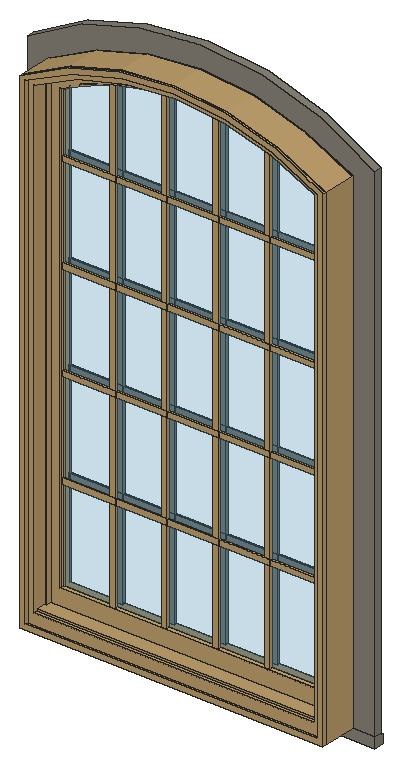
Revit family
Parameters (values of type "CUDHRTP-NG4066")
  Window Type = "Clad Ultimate DH Round Top Picture RT6 - NG"
  URL = "www.marvin.com"
  Subsill Height_2 = if(Subsill A217, 0' 1 11/32", 0' 0 9/16")  # 0' - 1 11/32"
  Subsill Height = if(Subsill A217 Visibility, 0' 1 11/32", if(Subsill A246 Visibility, 0' 0 9/16", 0' 0"))  # 0' - 1 11/32"
  Subsill A246 Visibility = and(Subsill Visibility, Subsill A246)  # no
  Subsill A217 Visibility = and(Subsill Visibility, Subsill A217)  # yes
  RO Radius Constraint = if(RO Radius > (Rough Width / 2) + 0' 1", RO Radius, (Rough Width / 2) + 0' 1")  # 3' - 4"
  RO Radius = 3' - 4"
  Muntins Interior Visibility = yes
  Muntins Interior Material = Wood-Marvin-Pine
  Muntins Exterior Visibility = yes
  Muntins Exterior Material = Aluminum-Marvin-Bronze
  Mask Offset [instance] = if(Inset to Installation Flange = 0' 1 3/32", 0' 0 1/32", 0' 0")  # 0' - 0"
  Lites Wide = 5
  Lites High = 5
  Interior Material = Wood-Marvin-Pine
  Frame = "Aluminum Clad"
  Flat Casing Visibility = and(Casing Visibility, Flat Casing)  # yes
  Design Pressure = "DP50"
  Daylight Area = (DLO Height - DLO Arc Height) * DLO Width + DLO Segment Area  # 15.3626 SF
  DLO Arc Height = DLO Radius - sqrt((DLO Radius ^ 2) - ((DLO Width / 2) ^ 2))  # 0' - 4.429"
  Cladding Material = Aluminum-Marvin-Bronze
  Casing Width_2 = if(BMC, 0' 1 5/16", 0' 3")  # 0' - 3"
  Casing Visibility = yes
  Subsill Visibility = yes
  BMC Visibility = and(Casing Visibility, BMC)  # no
  BMC = no
  Flat Casing = not(BMC)  # yes
  Subsill A246 = no
  Subsill A217 = not(Subsill A246)  # yes
  Glazing Material = Glass-Marvin-IG Low E II with Argon
  Radius = RO Radius Constraint - 0' 0 1/2"  # 3' - 3 1/2"
  Nominal Width = 3' - 4"
  Nominal Height = 6' - 2"
  Model = "CUDHRTP-NG4066"
  Mask [instance] = Inset to Installation Flange > 0' 1 3/32"  # no
  Manufacturer = "Marvin Windows and Doors"
  Label Visibility = no
  Glass Type = "IG Low E II with Argon"
  Family created by = "www.rbuiltcomponents.com"
  Rough Width = Width + 0' 1"  # 3' - 6 1/4"
  Rough Height = Height + 0' 0 1/2"  # 6' - 1 47/64"
  Jamb Extension Visibility = yes
  Inset to Installation Flange [instance] = 0' - 1"
  Height = if(Nominal Width = 5' 8", Nominal Height + 0' 2 3/8", if(Nominal Width = 5' 0", Nominal Height + 0' 0 11/32", if(Nominal Width = 4' 4", Nominal Height + 0' 0 33/64", if(Nominal Width = 4' 0", Nominal Height + 0' 1 63/64", Nominal Height - 0' 0 49/64"))))  # 6' - 1 15/64"
  Description = "4066 DH RT6"
  Default Head Height = 8' - 0"
  Wall Closure = (empty or 0)
  Width = Nominal Width + 0' 1 1/4"  # 3' - 5 1/4"
  DLO Radius = Radius - 0' 3 17/64"  # 3' - 0 15/64"
  DLO Width = Width - 0' 6 17/32"  # 2' - 10 23/32"
  DLO Height = Height - 0' 8 5/64"  # 5' - 5 5/32"
  Casing Width = if(BMC Visibility, 0' 1 5/16", if(Flat Casing Visibility, 0' 3", 0' 0"))  # 0' - 3"
  Casing Radius = Radius + Casing Width  # 3' - 6 1/2"
  Assembly Code = ""
  DLO Segment Area = (DLO Radius ^ 2) / 2 * ((3.1416 / 180) * Angle Sector2 - sin(Angle Sector))  # 0.721075 SF
  Arc Height = RO Radius Constraint - sqrt((RO Radius Constraint ^ 2) - ((Rough Width / 2) ^ 2))  # 0' - 6.03333"
  Angle Sector2 = Angle Sector * 1 / 1.00°  # 57.2514
  Angle Sector = 2 * acos((DLO Radius - DLO Arc Height) / DLO Radius)  # 57.2514°
Reference planes (in)
  plane 1 "Center (Front/Back)": y = 0
  plane 2: z = 0
  plane 3 "Center (Left/Right)": x = -3
  plane 4 "Left": x = -23.625
  plane 5 "Right": x = 17.625
  plane 6 "Sill": z = 22.76563
  plane 7 "Top": z = 96
  plane 8 "Inset": y = 2
  plane 9 "Glazing": y = 1.40625
  plane 10 "Jamb Ext Face": y = -2.5625
  plane 11: z = 90.46667
  plane 12: z = 60.15625
  plane 13: z = 96.5
  plane 14: x = 18.125
  plane 15: x = -24.125
  plane 16: y = -2.59375
  plane 17: x = -20.35938
  plane 18: x = 14.35937
  plane 19: z = 27.57813
  plane 20: z = 92.73438
  plane 21 "Glazing2": y = 0.40625
Forms (in)
  Sweep 1, solid, material "Wood-Marvin-Pine" <- "Interior Material"
    path origin (0, 2, 0) x (1, 0, 0) y (0, 0, 1)
      loop
        line (17.625, 22.76563) -> (17.625, 90.18767)
        arc (17.625, 90.18767) -> (-3, 96) -> (-23.625, 90.18767) r 39.5
        line (-23.625, 90.18767) -> (-23.625, 22.76563)
    profile "Profile_Ext_Clad_Frame : Profile_Ext_Clad_Frame" origin (-23.625, 2, 56.47665) x (1, 0, 0) y (0, -1, 0)
      loop
        line (0, 0) -> (0, -1.09401) -> (0.59375, -1.09401) -> (0.66381, -0.62526) -> (0.9375, -0.62526) -> (0.9375, -0.21901) -> (1.78125, -0.21901) -> (1.78125, 0.12474) -> (1.5625, 0.12474) -> (1.5625, 2) -> (1.78125, 2) -> (1.78125, 2.75) -> (1.5, 2.75) -> (1.5, 4.5625) -> (0, 4.5625) -> (0, 0.0625) -> (0.0625, 0.0625) -> (0.0625, 0) -> (0, 0)
  Extrusion 2, solid, material "Glass-Marvin-IG Low E II with Argon" <- "Glazing Material"
    sketch origin (0, 1.40625, 0) x (1, 0, 0) y (0, 0, 1)
      loop
        line (15.10937, 26.84375) -> (15.10937, 88.7474)
        arc (15.10937, 88.7474) -> (-3, 93.48438) -> (-21.10938, 88.7474) r 36.98437
        line (-21.10938, 88.7474) -> (-21.10938, 26.84375) -> (15.10937, 26.84375)
    from 0 to 0.15625
  Extrusion 3, void
    sketch origin (0, 0, 0) x (1, 0, 0) y (0, 0, 1)
      loop
        line (17.625, 22.76563) -> (17.625, 90.18767)
        arc (17.625, 90.18767) -> (-3, 96) -> (-23.625, 90.18767) r 39.5
        line (-23.625, 90.18767) -> (-23.625, 22.76563) -> (17.625, 22.76563)
    from -2 to 3
  Extrusion 4, void
    sketch origin (0, 0, 0) x (1, 0, 0) y (0, 0, 1)
      loop
        line (20.625, 21.42188) -> (20.625, 91.82859)
        arc (20.625, 91.82859) -> (-3, 99) -> (-26.625, 91.82859) r 42.5
        line (-26.625, 91.82859) -> (-26.625, 21.42188) -> (20.625, 21.42188)
    from -2 to -3.12756
  Sweep 5, solid, material "Aluminum-Marvin-Bronze" <- "Cladding Material", visible <- "BMC Visibility"
    path origin (0, 2, 0) x (1, 0, 0) y (0, 0, 1)
      loop
        line (17.625, 22.76563) -> (17.625, 90.18767)
        arc (17.625, 90.18767) -> (-3, 96) -> (-23.625, 90.18767) r 39.5
        line (-23.625, 90.18767) -> (-23.625, 22.76563)
    profile "BMC_Clad : BMC_Clad" origin (-23.625, 2, 56.47665) x (1, 0, 0) y (0, -1, 0)
      loop
        line (-0.71589, -1.25) -> (-0.38081, -1.09375) -> (0, -1.09375) -> (0, 0) -> (-1.3125, 0) -> (-1.3125, -1.25) -> (-0.71589, -1.25)
  Sweep 6, solid, material "Aluminum-Marvin-Bronze" <- "Cladding Material", visible <- "Flat Casing Visibility"
    path origin (0, 2, 0) x (1, 0, 0) y (0, 0, 1)
      loop
        line (-23.625, 22.76563) -> (-23.625, 90.18767)
        arc (-23.625, 90.18767) -> (-3, 96) -> (17.625, 90.18767) r 39.5
        line (17.625, 90.18767) -> (17.625, 22.76563)
    profile "Flat_Casing_Clad : Flat_Casing_Clad" origin (17.625, 2, 56.47665) x (1, 0, 0) y (0, -1, 0)
      loop
        line (3, -1.09375) -> (3, 0) -> (0, 0) -> (0, -1.09375) -> (3, -1.09375)
  Sweep 7, solid, material "Aluminum-Marvin-Bronze" <- "Cladding Material", visible <- "Subsill Visibility"
    path origin (0, 2, 0) x (1, 0, 0) y (0, 0, 1)
      loop
        line (20.625, 22.76563) -> (-26.625, 22.76563)
    profile origin (-3, 2, 22.76563) x (0, 0, -1) y (0, -1, 0)
      loop
        line (0, 0) -> (0, -1.09401) -> (0.15265, -1.09401) -> (0.1875, -1.34375) -> (1.34375, -1.34375) -> (1.34375, 0) -> (0, 0)
  Extrusion 8, solid, material "Wood-Marvin-Pine" <- "Interior Material", visible <- "Jamb Extension Visibility"
    sketch origin (0, -2.5625, 0) x (1, 0, 0) y (0, 0, 1)
      loop
        line (-23.625, 22.76563) -> (17.625, 22.76563) -> (17.625, 90.18767)
        arc (17.625, 90.18767) -> (-3, 96) -> (-23.625, 90.18767) r 39.5
        line (-23.625, 90.18767) -> (-23.625, 22.76563)
      loop
        arc (16.9375, 89.84143) -> (-3, 95.34784) -> (-22.9375, 89.84143) r 38.84784
        line (-22.9375, 89.84143) -> (-22.9375, 23.45313) -> (16.9375, 23.45313) -> (16.9375, 89.84143)
    from 0.4375 to 0.03125
  Sweep 9, solid, material "Wood-Marvin-Pine" <- "Interior Material"
    path origin (0, 2, 0) x (1, 0, 0) y (0, 0, 1)
      loop
        arc (17.625, 90.18767) -> (-3, 96) -> (-23.625, 90.18767) r 39.5
        line (-23.625, 90.18767) -> (-23.625, 24.32813) -> (17.625, 24.32813) -> (17.625, 90.18767)
    profile "Sash : Sash" origin (-3, 2, 96) x (0, 0, -1) y (0, -1, 0)
      loop
        line (1.60938, 0.59375) -> (1.60938, 0.25) -> (3.07813, 0.25) -> (3.07813, 0.40113) -> (3.26563, 0.5578) -> (3.26563, 0.59375) -> (2.51563, 0.59375) -> (2.51563, 1.5625) -> (3.26563, 1.5625) -> (3.26563, 1.71407) -> (3.04662, 1.93308) -> (3.04662, 2) -> (1.60938, 2) -> (1.60938, 0.59375)
  Sweep 10, solid, material "Wood-Marvin-Pine" <- "Interior Material"
    path origin (0, 2, 0) x (1, 0, 0) y (0, 0, 1)
      loop
        line (-23.625, 22.76563) -> (17.625, 22.76563)
    profile "Clad Sill : Clad Sill" origin (-3, 2, 22.76563) x (0, 0, 1) y (0, -1, 0)
      loop
        line (0, 4.5625) -> (0, -1.09375) -> (0.59375, -1.09375) -> (0.72218, -0.23438) -> (0.80316, -0.23438) -> (1.36026, 2) -> (2.46875, 2) -> (2.46875, 4.09375) -> (2.22769, 4.09375) -> (2.22769, 4.5625) -> (0, 4.5625)
  Sweep 11, solid, material "Wood-Marvin-Pine" <- "Interior Material"
    path in 3D
      loop
        line (-22.01563, 1.75, 25.9375) -> (16.01562, 1.75, 25.9375)
    profile "Clad Sash bottom ext : Clad Sash bottom ext" origin (-3, 1.75, 25.9375) x (0, -1, 0) y (0, 0, -1)
      loop
        line (1.75, 1.8125) -> (0.25, 1.8125) -> (0.25, 2.1875) -> (0, 2.1875) -> (0, 0) -> (1.75, 0) -> (1.75, 1.8125)
  Extrusion 12, solid, material "Glass-Marvin-IG Low E II with Argon" <- "Glazing Material"
    sketch origin (0, 0.40625, 0) x (1, 0, 0) y (0, 0, 1)
      loop
        line (15.10937, 26.84375) -> (15.10937, 88.7474)
        arc (15.10937, 88.7474) -> (-3, 93.48438) -> (-21.10938, 88.7474) r 36.98437
        line (-21.10938, 88.7474) -> (-21.10938, 26.84375) -> (15.10937, 26.84375)
    from 0 to -0.15625
Cuts and joins
  joined: Sweep 9, Sweep 11
  joined: Sweep 1, Sweep 10
Lines and regions (in)
  Masking region 1
    outline origin (0, 0, 22.76563) x (0, -1, 0) y (1, 0, 0)
      loop
        line (-3.09401, -23.625) -> (2.5625, -23.625) -> (2.5625, 17.625) -> (-3.09401, 17.625) -> (-3.09401, -23.625)
  Masking region 2
    outline origin (-3, 0, 0) x (0, 1, 0) y (0, 0, 1)
      loop
        line (3.09375, 96) -> (-2.5625, 96) -> (-2.5625, 22.76563) -> (3.09375, 22.76563) -> (3.09375, 96)
  Masking region 3, visible <- "Mask"
    outline origin (0, 0, 22.76563) x (0, -1, 0) y (1, 0, 0)
      loop
        line (-3.09401, -26.625) -> (-3, -26.625) -> (-3, 20.625) -> (-3.09401, 20.625) -> (-3.09401, -26.625)
  Masking region 4, visible <- "Mask"
    outline origin (-3, 0, 0) x (0, 1, 0) y (0, 0, 1)
      loop
        line (3.09375, 99) -> (3, 99) -> (3, 21.42188) -> (3.09375, 21.42188) -> (3.09375, 99)
  Masking region 5, visible <- "Casing Visibility"
    outline origin (0, 0, 22.76563) x (0, -1, 0) y (1, 0, 0)
      loop
        line (-3.09375, -26.625) -> (-2, -26.625) -> (-2, -23.625) -> (-3.09375, -23.625) -> (-3.09375, -26.625)
      loop
        line (-3.09375, 17.625) -> (-2, 17.625) -> (-2, 20.625) -> (-3.09375, 20.625) -> (-3.09375, 17.625)
  Masking region 6, visible <- "Subsill Visibility"
    outline origin (-3, 0, 0) x (0, 1, 0) y (0, 0, 1)
      loop
        line (3.34375, 21.42188) -> (3.34375, 22.57813) -> (3.09401, 22.61297) -> (3.09401, 22.76563) -> (2, 22.76563) -> (2, 21.42188) -> (3.34375, 21.42188)
  Masking region 7, visible <- "Casing Visibility"
    outline origin (-3, 0, 0) x (0, 1, 0) y (0, 0, 1)
      loop
        line (3.09375, 99) -> (2, 99) -> (2, 96) -> (3.09375, 96) -> (3.09375, 99)
  Masking region 8
    outline origin (0, 0, 22.76563) x (0, -1, 0) y (1, 0, 0)
      loop
        line (2.59375, -23.625) -> (3, -23.625) -> (3, 17.625) -> (2.59375, 17.625) -> (2.59375, -23.625)
  Masking region 9
    outline origin (-3, 0, 0) x (0, 1, 0) y (0, 0, 1)
      loop
        line (-2.59375, 96) -> (-3, 96) -> (-3, 22.76563) -> (-2.59375, 22.76563) -> (-2.59375, 96)
  Split face 1
    outline origin (-23.625, 2, 22.76563) x (0, 0, -1) y (0, -1, 0)
      loop
        line (-0.8616, 0) -> (0, 0)
  Split face 2
    outline origin (17.625, 2, 22.76563) x (0, -1, 0) y (0, 0, -1)
      loop
        line (0, -0.8616) -> (0, 0)
  Split face 3
    outline origin (-23.625, 3.09375, 22.76563) x (0, -1, 0) y (1, 0, 0)
      loop
        line (1.09375, 41.25) -> (1.09375, 0)
  symbolic lines, style "Jamb Extension", visible <- "Jamb Extension Visibility", detail levels fine
    curve 1: line (-3, -3, 95.3125) -> (-3, -2.59375, 95.3125)
    curve 2: line (-3, -3, 23.45313) -> (-3, -2.59375, 23.45313)
    curve 46: line (-22.9375, -2.59375, 22.76563) -> (-22.9375, -3, 22.76563)
    curve 47: line (16.9375, -3, 22.76563) -> (16.9375, -2.59375, 22.76563)
    curve 48: line (17.625, -3, 22.76563) -> (16.9375, -3, 22.76563)
    curve 49: line (-22.9375, -3, 22.76563) -> (-23.625, -3, 22.76563)
  symbolic lines, style "WindowsFrameMullionProjection", detail levels coarse+medium
    curve 3: line (17.625, -2.5625, 22.76563) -> (16.125, -2.5625, 22.76563)
    curve 4: line (16.125, -2.5625, 22.76563) -> (16.125, 3.09375, 22.76563)
    curve 5: line (16.125, 3.09375, 22.76563) -> (17.625, 3.09375, 22.76563)
    curve 6: line (16.125, 1.75, 22.76563) -> (14.35937, 1.75, 22.76563)
    curve 7: line (14.35937, 1.75, 22.76563) -> (14.35937, 0, 22.76563)
    curve 8: line (-22.125, 0, 22.76563) -> (-20.35938, 0, 22.76563)
    curve 9: line (-23.625, -2.5625, 22.76563) -> (-22.125, -2.5625, 22.76563)
    curve 10: line (-22.125, -2.5625, 22.76563) -> (-22.125, 3.09375, 22.76563)
    curve 11: line (-22.125, 3.09375, 22.76563) -> (-23.625, 3.09375, 22.76563)
    curve 12: line (-20.35938, 1.75, 22.76563) -> (-20.35938, 0, 22.76563)
    curve 13: line (-3, 3.09401, 96) -> (-3, 3.09401, 94.5)
    curve 14: line (-3, 3.09401, 94.5) -> (-3, -2.5625, 94.5)
    curve 15: line (-3, -2.5625, 94.5) -> (-3, -2.5625, 96)
    curve 16: line (-3, 1.75, 94.5) -> (-3, 1.75, 92.73438)
    curve 17: line (-3, 1.75, 92.73438) -> (-3, 0, 92.73438)
    curve 18: line (-3, 3.09401, 22.76563) -> (-3, 3.09401, 23.35446)
    curve 19: line (-3, -2.5625, 25.23438) -> (-3, -2.5625, 22.76563)
    curve 20: line (-3, 1.75, 27.57813) -> (-3, 0, 27.57813)
    curve 21: line (14.35937, 1.75, 22.76563) -> (-20.35938, 1.75, 22.76563)
    curve 22: line (14.35937, 0, 22.76563) -> (16.125, 0, 22.76563)
    curve 23: line (-20.35938, 1.75, 22.76563) -> (-22.125, 1.75, 22.76563)
    curve 24: line (-3, 0, 27.57813) -> (-3, 0, 92.73438)
    curve 25: line (-3, 1.75, 27.57813) -> (-3, 1.75, 23.68956)
    curve 26: line (-3, 0, 92.73438) -> (-3, 0, 94.5)
    curve 27: line (-3, 1.75, 92.73438) -> (-3, 1.75, 27.57813)
    curve 35: line (-20.35938, 0, 22.76563) -> (14.35937, 0, 22.76563)
    curve 70: line (-3, -3, 96) -> (-3, 3.09375, 96)
    curve 81: line (-23.625, 3.09375, 22.76563) -> (-23.625, -3, 22.76563)
    curve 89: line (17.625, 3.09375, 22.76563) -> (17.625, -3, 22.76563)
    curve 91: line (-3, 0, 24.12588) -> (-3, 3.09401, 23.35446)
    curve 92: line (-3, 0, 24.12588) -> (-3, 0, 27.57813)
    curve 93: line (-3, 0, 25.23438) -> (-3, -2.5625, 25.23438)
  symbolic lines, style "Jamb Extension", visible <- "Jamb Extension Visibility"
    curve 28: line (-3, -3, 23.45313) -> (-3, -3, 22.76563)
    curve 29: line (-3, -3, 95.3125) -> (-3, -3, 96)
  symbolic lines, style "WindowsFrameMullionProjection", visible <- "Jamb Extension Visibility", detail levels coarse+medium
    curve 30: line (-3, -2.59375, 95.3125) -> (-3, -3, 95.3125)
    curve 31: line (-3, -3, 95.3125) -> (-3, -3, 96)
    curve 32: line (-3, -2.59375, 23.45313) -> (-3, -3, 23.45313)
    curve 33: line (-3, -3, 23.45313) -> (-3, -3, 22.76563)
    curve 50: line (-22.9375, -2.59375, 22.76563) -> (-22.9375, -3, 22.76563)
    curve 51: line (-23.625, -3, 22.76563) -> (-22.9375, -3, 22.76563)
    curve 52: line (16.9375, -3, 22.76563) -> (16.9375, -2.59375, 22.76563)
    curve 53: line (16.9375, -3, 22.76563) -> (17.625, -3, 22.76563)
  symbolic lines, style "WindowsGlassProjection", detail levels coarse+medium
    curve 34: line (-20.35938, 0.875, 22.76563) -> (14.35937, 0.875, 22.76563)
    curve 66: line (-3, 0.875, 27.57813) -> (-3, 0.875, 92.73438)
  symbolic lines, style "Jamb Extension", visible <- "BMC Visibility", detail levels fine
    curve 36: line (-24.9375, 3.25, 22.76563) -> (-24.34089, 3.25, 22.76563)
    curve 37: line (-24.34089, 3.25, 22.76563) -> (-24.00581, 3.09375, 22.76563)
    curve 38: line (-24.9375, 3.09375, 22.76563) -> (-24.9375, 3.25, 22.76563)
    curve 39: line (18.34089, 3.24974, 22.76563) -> (18.9375, 3.24974, 22.76563)
    curve 40: line (18.00581, 3.09375, 22.76563) -> (18.34089, 3.24974, 22.76563)
    curve 41: line (18.9375, 3.24974, 22.76563) -> (18.9375, 3.09375, 22.76563)
    curve 42: line (-24.00581, 3.09375, 22.76563) -> (-23.625, 3.09375, 22.76563)
    curve 43: line (18.00581, 3.09375, 22.76563) -> (17.625, 3.09375, 22.76563)
    curve 72: line (-3, 3.25, 96.65144) -> (-3, 3.25, 99)
    curve 73: line (-3, 3.09375, 96) -> (-3, 3.09375, 96.38081)
    curve 74: line (-3, 3.09375, 96.38081) -> (-3, 3.25, 96.65144)
    curve 75: line (-3, 3.25, 99) -> (-3, 3.09375, 99)
  symbolic lines, style "Jamb Extension", visible <- "Flat Casing Visibility", detail levels fine
    curve 44: line (-23.625, 3.09375, 22.76563) -> (-26.625, 3.09375, 22.76563)
    curve 45: line (20.625, 3.09375, 22.76563) -> (17.625, 3.09375, 22.76563)
    curve 79: line (-3, 3.09375, 96) -> (-3, 3.09375, 99)
    curve 80: line (-3, 3.09375, 99) -> (-3, 2, 99)
  symbolic lines, style "WindowsFrameMullionProjection", visible <- "BMC Visibility", detail levels coarse+medium
    curve 54: line (-24.9375, 2, 22.76563) -> (-24.9375, 3.25, 22.76563)
    curve 55: line (-24.9375, 3.25, 22.76563) -> (-24.34089, 3.25, 22.76563)
    curve 56: line (-24.34089, 3.25, 22.76563) -> (-24.00581, 3.09375, 22.76563)
    curve 57: line (-24.00581, 3.09375, 22.76563) -> (-23.625, 3.09375, 22.76563)
    curve 58: line (18.9375, 3.24974, 22.76563) -> (18.9375, 2, 22.76563)
    curve 59: line (18.00581, 3.09375, 22.76563) -> (18.34089, 3.24974, 22.76563)
    curve 60: line (18.34089, 3.24974, 22.76563) -> (18.9375, 3.24974, 22.76563)
    curve 61: line (17.625, 3.09375, 22.76563) -> (18.00581, 3.09375, 22.76563)
    curve 67: line (-3, 3.25, 96.65144) -> (-3, 3.25, 99)
    curve 68: line (-3, 3.09375, 96) -> (-3, 3.09375, 96.38081)
    curve 69: line (-3, 3.09375, 96.38081) -> (-3, 3.25, 96.65144)
    curve 71: line (-3, 3.25, 99) -> (-3, 2, 99)
  symbolic lines, style "WindowsFrameMullionProjection", visible <- "Flat Casing Visibility", detail levels coarse+medium
    curve 62: line (20.625, 3.09375, 22.76563) -> (17.625, 3.09375, 22.76563)
    curve 63: line (20.625, 3.09375, 22.76563) -> (20.625, 2, 22.76563)
    curve 64: line (-26.625, 2, 22.76563) -> (-26.625, 3.09375, 22.76563)
    curve 65: line (-23.625, 3.09375, 22.76563) -> (-26.625, 3.09375, 22.76563)
    curve 77: line (-3, 3.09375, 96) -> (-3, 3.09375, 99)
    curve 78: line (-3, 3.09375, 99) -> (-3, 2, 99)
  symbolic lines, style "WindowsFrameMullionProjection", visible <- "Casing Visibility", detail levels coarse+medium
    curve 76: line (-3, 2, 99) -> (-3, 2, 96)
  symbolic lines, style "WindowsFrameMullionProjection", visible <- "Subsill Visibility", detail levels coarse+medium
    curve 82: line (-3, 3.09401, 22.61297) -> (-3, 3.09401, 22.76563)
    curve 83: line (-3, 3.34375, 22.57813) -> (-3, 3.09401, 22.61297)
    curve 84: line (-3, 3.34375, 21.42188) -> (-3, 3.34375, 22.57813)
    curve 85: line (-3, 2, 21.42188) -> (-3, 3.34375, 21.42188)
  reference lines
    curve 86: arc (18.125, 2, 90.46667) -> (-3, 2, 96.5) -> (-24.125, 2, 90.46667) r 40
    curve 87: arc (17.82172, 2, 90.06644) -> (-3, 2, 96) -> (-23.82172, 2, 90.06644) r 39.5
    curve 88: arc (-25.64139, 2, 92.46689) -> (-3, 2, 99) -> (19.64139, 2, 92.46689) r 42.5
  sketch lines
    curve 90: line (-22.01563, 1.75, 25.9375) -> (16.01562, 1.75, 25.9375)
Text (in)
  text "EXTERIOR" at (-58.6888, 50.90694, 0), in view "Ref. Level"
  text "INTERIOR" at (-58.6888, -37.76638, 0), in view "Ref. Level"
  text "Exterior" at (0, 43.65631, 123.19604), in view "Left"
  text "Exterior" at (0, 18.29385, 125.04747), in view "Right"
Dimensions and locks (in)
  equal spacing: plane 4 "Left", plane 3 "Center (Left/Right)", plane 5 "Right"
  "Width": plane 4 "Left" to plane 5 "Right"
  "Height": plane 6 "Sill" to plane 7 "Top"
  "Inset to Installation Flange": host wall to plane 8 "Inset"
  plane 21 "Glazing2" to plane 9 "Glazing" to plane 8 "Inset" = 0' - 1" locked, 0' - 0 19/32" locked
  locked: plane 10 "Jamb Ext Face" to plane 8 "Inset" at 4.5625
  "Default Head Height": plane 2 to plane 7 "Top"
  locked: nested 2 to host wall at 12.00106
  plane 9 "Glazing" to Extrusion 2 = 0' - 0 5/32"
  locked: curve 30 to plane 7 "Top" at 0.6875
  locked: plane 6 "Sill" to curve 32 at 0.6875
  equal spacing: plane 19, plane 12, plane 20
  "Subsill Height": Extrusion 4 sketch curve to plane 6 "Sill"
  "Casing Width": Extrusion 4 sketch curve to plane 4 "Left"
  "Casing Width": plane 5 "Right" to Sweep 7 sketch curve
  "Casing Width": Sweep 7 sketch curve to plane 4 "Left"
  locked: Sweep 7 sketch curve to Sweep 7 sketch curve at 1.34375
  "Subsill Height_2": Sweep 7 sketch curve to plane 6 "Sill"
  locked: plane 4 "Left" to Extrusion 8 sketch curve at 0.6875
  locked: Extrusion 8 sketch curve to plane 5 "Right" at 0.6875
  locked: Extrusion 8 sketch curve to plane 6 "Sill" at 0.6875
  "Casing Width": Masking region 3 sketch curve to plane 4 "Left"
  "Casing Width": plane 5 "Right" to Masking region 3 sketch curve
  "Casing Width_2": Masking region 5 sketch curve to plane 4 "Left"
  "Casing Width_2": plane 5 "Right" to Masking region 5 sketch curve
  locked: Extrusion 4 to host wall at 0.12756
  "Subsill Height": Masking region 4 sketch curve to plane 6 "Sill"
  "Casing Width": plane 7 "Top" to Masking region 4 sketch curve
  "Casing Width_2": plane 7 "Top" to Masking region 7 sketch curve
  locked: nested 5 to plane 9 "Glazing" at 1.03125
  locked: plane 7 "Top" to plane 13 at 0.5
  "Arc Height": plane 11 to plane 13
  locked: plane 5 "Right" to plane 14 at 0.5
  locked: plane 15 to plane 4 "Left" at 0.5
  "Casing Width": plane 5 "Right" to Extrusion 4 sketch curve
  plane 6 "Sill" to plane 11 = 5' - 7.70104"
  locked: plane 16 to plane 10 "Jamb Ext Face" at 0.03125
  "Mask Offset": Masking region 3 sketch curve to host wall
  "Mask Offset": Masking region 4 sketch curve to host wall
  locked: plane 4 "Left" to plane 17 at 3.26563
  plane 18 to plane 5 "Right" = 0' - 3 17/64"
  locked: plane 6 "Sill" to plane 19 at 4.8125
  locked: plane 20 to plane 7 "Top" at 3.26563
  equal spacing: curve 23, curve 34, curve 8
  curve 25 to curve 66 = 0' - 0 7/8"
  locked: Sweep 9 sketch curve to plane 19 at 3.25
  "RO Radius Constraint": radius of curve 86
  "Radius": radius of curve 87
  "Casing Radius": radius of curve 88
  aligned and locked: nested 1 to plane 3 "Center (Left/Right)"
  aligned and locked: plane 8 "Inset" to nested 1
  aligned and locked: plane 5 "Right" to Sweep 1 sketch curve
  aligned and locked: plane 5 "Right" to Masking region 1 sketch curve
  aligned and locked: Masking region 1 sketch curve to plane 4 "Left"
  aligned and locked: plane 7 "Top" to Masking region 2 sketch curve
  aligned and locked: Masking region 2 sketch curve to plane 6 "Sill"
  aligned and locked: plane 3 "Center (Left/Right)" to nested 2
  aligned and locked: curve 19 to plane 10 "Jamb Ext Face"
  aligned and locked: plane 6 "Sill" to curve 28
  aligned and locked: curve 28 to host wall
  aligned and locked: host wall to curve 31
  aligned and locked: plane 6 "Sill" to curve 33
  aligned and locked: Extrusion 2 to plane 9 "Glazing"
  aligned and locked: plane 9 "Glazing" to Extrusion 2
  aligned and locked: nested 3 to plane 6 "Sill"
  aligned and locked: Extrusion 3 to plane 8 "Inset"
  aligned and locked: host wall to Extrusion 3
  aligned and locked: Extrusion 3 sketch curve to plane 6 "Sill"
  aligned and locked: Extrusion 3 sketch curve to plane 4 "Left"
  aligned and locked: Sweep 5 sketch curve to plane 4 "Left"
  aligned and locked: plane 6 "Sill" to Sweep 5 sketch curve  (x2)
  aligned and locked: plane 6 "Sill" to Sweep 6 sketch curve  (x2)
  aligned and locked: Sweep 6 sketch curve to plane 4 "Left"
  aligned and locked: plane 6 "Sill" to Sweep 7 sketch curve  (x2)
  aligned and locked: Sweep 7 sketch curve to plane 8 "Inset"
  aligned and locked: Extrusion 8 sketch curve to plane 6 "Sill"
  aligned and locked: plane 5 "Right" to Extrusion 8 sketch curve
  aligned and locked: host wall to Extrusion 8
  aligned and locked: plane 4 "Left" to Masking region 5 sketch curve
  aligned and locked: Masking region 5 sketch curve to plane 8 "Inset"  (x2)
  aligned and locked: Masking region 5 sketch curve to plane 5 "Right"
  aligned and locked: curve 7 to curve 34
  aligned and locked: curve 12 to curve 35
  aligned and locked: curve 8 to curve 35
  aligned and locked: curve 36 to Sweep 5
  aligned and locked: Sweep 5 to curve 37
  aligned and locked: Sweep 5 to curve 38
  aligned and locked: curve 43 to Sweep 5
  aligned and locked: plane 5 "Right" to curve 43
  aligned and locked: curve 44 to Masking region 5
  aligned and locked: plane 8 "Inset" to Extrusion 4
  aligned and locked: curve 46 to Extrusion 8
  aligned and locked: curve 48 to Extrusion 8
  aligned and locked: Extrusion 8 to curve 50  (x2)
  aligned and locked: curve 52 to Extrusion 8
  aligned and locked: curve 54 to Sweep 5
  aligned and locked: curve 57 to Sweep 5
  aligned and locked: curve 62 to Masking region 5
  aligned and locked: curve 63 to Sweep 6
  aligned and locked: curve 64 to Sweep 6
  aligned and locked: Masking region 2 sketch curve to Sweep 6
  aligned and locked: nested 3 to plane 8 "Inset"
  aligned and locked: Masking region 4 sketch curve to Sweep 6
  aligned and locked: Masking region 6 sketch curve to Sweep 7  (x6)
  aligned and locked: Masking region 7 sketch curve to plane 7 "Top"
  aligned and locked: Masking region 7 sketch curve to plane 8 "Inset"
  aligned and locked: Sweep 6 to Masking region 7 sketch curve
  aligned and locked: Sweep 5 to curve 68
  aligned and locked: curve 70 to nested 3
  aligned and locked: curve 71 to Masking region 7
  aligned and locked: Sweep 5 to curve 72
  aligned and locked: curve 76 to Sweep 5
  aligned and locked: curve 80 to Masking region 7
  aligned and locked: curve 81 to Sweep 6
  aligned and locked: plane 12 to nested 4
  aligned and locked: nested 5 to plane 12
  aligned and locked: nested 4 to plane 3 "Center (Left/Right)"
  aligned and locked: plane 3 "Center (Left/Right)" to nested 5
  aligned and locked: plane 9 "Glazing" to nested 4
  aligned and locked: curve 82 to Sweep 7
  aligned and locked: curve 83 to Sweep 7
  aligned and locked: curve 84 to Sweep 7
  aligned and locked: curve 85 to Sweep 7
  aligned and locked: plane 14 to curve 86
  aligned and locked: plane 15 to curve 86
  aligned and locked: plane 11 to curve 86  (x2)
  aligned and locked: Sweep 1 sketch curve to plane 4 "Left"
  aligned and locked: Sweep 1 sketch curve to curve 87
  aligned and locked: plane 5 "Right" to Sweep 5 sketch curve
  aligned and locked: Sweep 6 sketch curve to plane 5 "Right"
  aligned and locked: Sweep 6 sketch curve to curve 87
  aligned and locked: Sweep 5 sketch curve to curve 87
  aligned and locked: plane 5 "Right" to Extrusion 3 sketch curve
  aligned and locked: Extrusion 3 sketch curve to curve 87
  aligned and locked: Extrusion 4 sketch curve to curve 88
  aligned and locked: plane 4 "Left" to Extrusion 8 sketch curve
  aligned and locked: Extrusion 8 sketch curve to curve 87
  aligned and locked: plane 5 "Right" to curve 89
  aligned and locked: Extrusion 8 to curve 46
  aligned and locked: Extrusion 8 to curve 52
  aligned and locked: Extrusion 8 to curve 47
  aligned and locked: Masking region 1 sketch curve to plane 10 "Jamb Ext Face"
  aligned and locked: host wall to curve 51
  aligned and locked: plane 10 "Jamb Ext Face" to curve 9
  aligned and locked: Masking region 8 sketch curve to plane 4 "Left"
  aligned and locked: plane 5 "Right" to Masking region 8 sketch curve
  aligned and locked: plane 16 to Masking region 8 sketch curve
  aligned and locked: Masking region 8 sketch curve to host wall
  aligned and locked: Extrusion 8 to curve 30
  aligned and locked: Extrusion 8 to curve 1
  aligned and locked: Extrusion 8 to curve 32
  aligned and locked: Extrusion 8 to curve 2
  aligned and locked: Extrusion 8 to plane 16
  aligned and locked: Masking region 2 sketch curve to plane 10 "Jamb Ext Face"
  aligned and locked: plane 7 "Top" to Masking region 9 sketch curve
  aligned and locked: Masking region 9 sketch curve to plane 6 "Sill"
  aligned and locked: plane 16 to Masking region 9 sketch curve
  aligned and locked: Masking region 9 sketch curve to host wall
  aligned and locked: plane 6 "Sill" to Sweep 1 sketch curve  (x2)
  aligned and locked: Sweep 9 sketch curve to curve 87
  aligned and locked: plane 5 "Right" to Sweep 9 sketch curve
  aligned and locked: plane 4 "Left" to Sweep 9 sketch curve
  aligned and locked: plane 6 "Sill" to Sweep 10 sketch curve
  aligned and locked: plane 5 "Right" to Sweep 10 sketch curve
  aligned and locked: plane 4 "Left" to Sweep 10 sketch curve
  aligned and locked: Split face 1 sketch curve to cut or joined group of Sweep 1, Sweep 10  (x2)
  aligned and locked: Split face 2 sketch curve to cut or joined group of Sweep 1, Sweep 10  (x2)
  aligned and locked: Extrusion 2 sketch curve to cut or joined group of Sweep 9, Sweep 11  (x4)
  aligned and locked: Extrusion 12 sketch curve to cut or joined group of Sweep 9, Sweep 11  (x4)
  aligned and locked: plane 17 to curve 12
  aligned and locked: curve 10 to nested 1
  aligned and locked: plane 18 to curve 7
  aligned and locked: curve 4 to nested 1
  aligned and locked: curve 23 to nested 1
  aligned and locked: curve 6 to nested 1
  aligned and locked: curve 22 to nested 1
  aligned and locked: curve 14 to nested 3
  aligned and locked: plane 20 to curve 17
  aligned and locked: curve 26 to nested 3
  aligned and locked: curve 16 to nested 3
  aligned and locked: plane 19 to curve 20
  aligned and locked: curve 91 to nested 3
  aligned and locked: curve 92 to nested 3
  aligned and locked: curve 93 to nested 3
  aligned and locked: curve 13 to nested 3
  aligned and locked: Masking region 5 sketch curve to Sweep 6  (x2)
  aligned and locked: Masking region 3 sketch curve to Sweep 7
  aligned and locked: Masking region 1 sketch curve to Sweep 7
Automatic sketch dimensions
  Sweep 7 sketch curve to Sweep 7 sketch curve = 0' - 0.15265"
  Sweep 7 sketch curve to Sweep 7 sketch curve = 0' - 0.03485"
  Sweep 7 sketch curve to Sweep 7 sketch curve = 0' - 0.24974"
  curve 86 to curve 87 = 0' - 0"  (x2)
  plane 4 "Left" to curve 87 = 0' - 0.19672"
  curve 87 to plane 5 "Right" = 0' - 0.19672"
  curve 86 to curve 88 = 0' - 0"  (x2)
  plane 15 to curve 88 = 0' - 1.51639"
  curve 88 to plane 14 = 0' - 1.51639"
  Extrusion 8 sketch curve to Extrusion 8 sketch curve = 0' - 0"  (x2)
  Extrusion 8 sketch curve to Extrusion 8 sketch curve = 0' - 0.34625"
  curve 58 to plane 8 "Inset" = 0' - 0"
  curve 64 to plane 8 "Inset" = 0' - 0"
  curve 54 to plane 8 "Inset" = 0' - 0"
  curve 63 to plane 8 "Inset" = 0' - 0"
  curve 4 to plane 10 "Jamb Ext Face" = 0' - 0"
  curve 58 to curve 41 = 0' - 0.15599"
  plane 14 to curve 61 = 0' - 0.11919"
  curve 60 to plane 14 = 0' - 0.21589"
  curve 39 to curve 58 = 0' - 0.59661"
  curve 15 to plane 10 "Jamb Ext Face" = 0' - 0"
  curve 85 to plane 8 "Inset" = 0' - 0"
  curve 19 to plane 6 "Sill" = 0' - 0"
  curve 82 to plane 6 "Sill" = 0' - 0"
  curve 13 to plane 7 "Top" = 0' - 0"
  curve 76 to plane 7 "Top" = 0' - 0"
  plane 13 to curve 68 = 0' - 0.11919"
  curve 67 to plane 13 = 0' - 0.15144"
  cut or joined group of Sweep 1, Sweep 10 to Split face 1 sketch curve = 0' - 0"
  Split face 2 sketch curve to cut or joined group of Sweep 1, Sweep 10 = 0' - 0"
  cut or joined group of Sweep 1, Sweep 10 to Split face 2 sketch curve = 0' - 0"
  Split face 3 sketch curve to cut or joined group of Sweep 1, Sweep 10 = 0' - 0"  (x2)
  Split face 3 sketch curve to cut or joined group of Sweep 1, Sweep 10 = 0' - 1 3/32"
  curve 66 to plane 21 "Glazing2" = 0' - 0 15/32"
Nested families (in)
  nested 1: "Roundtop_Plan_Detail" at (-3, 2, 22.76563) x (-1, 0, 0) z (0, 0, -1), type "Roundtop_Plan_Detail"
    with Width 3' - 5 1/4"
  nested 2: "Label Annotation 1-16 w" at (-3, 15.00106, 0), visible <- "Label Visibility", type "Label Annotation 1-16 w"
  nested 3: "Roundtop_Section_Detail" at (-3, 2, 22.76563) x (0, -1, 0) z (1, 0, 0), type "Roundtop_Section_Detail", detail levels fine
    with Height 6' - 1 15/64"
  nested 4: "Muntins" at (-3, 1.40625, -8.42188), Muntin Material <- "Muntins Exterior Material", visible <- "Muntins Exterior Visibility", type "Muntins"
    with Muntin Material Aluminum-Marvin-Bronze, Radius Offset 3' - 0 19/32", RO Radius 3' - 4", GlazingWidth 2' - 10 23/32", GlazingHeight 5' - 5 5/32", Width 2' - 11 5/32", Height 5' - 5 19/32", Inset Vert 0' - 6 21/32", Inset Horiz 1' - 0.74375", Arc Height 0' - 6.03333"
  nested 5: "Muntins" at (-3, 0.375, -8.42188), Muntin Material <- "Muntins Interior Material", visible <- "Muntins Interior Visibility", type "Muntins"
    with Muntin Material Wood-Marvin-Pine, Radius Offset 3' - 0 19/32", RO Radius 3' - 4", GlazingWidth 2' - 10 23/32", GlazingHeight 5' - 5 5/32", Width 2' - 11 5/32", Height 5' - 5 19/32", Inset Vert 0' - 6 21/32", Inset Horiz 1' - 0.74375", Arc Height 0' - 6.03333"
Definition of nested family "Muntins"
  Parameters (values of type "Muntins")
    Radius Offset = RO Radius - 0' 3 13/32"  # 3' - 1 3/32"
    RO Radius = 3' - 4 1/2"
    GlazingWidth = 2' - 10 3/16"
    GlazingHeight = 5' - 5 5/16"
    Width = GlazingWidth + 0' 0 7/16"  # 2' - 10 5/8"
    VerticalMuntins = if(LitesHorizontal < 3, 2, LitesHorizontal - 1)  # 4
    VertMuntVisible = LitesHorizontal > 2  # yes
    MuntinWidth = 0' - 0 3/4"
    MuntinDepth = 0' - 0 1/4"
    Muntin Material [instance] = none
    LitesVertical = 5
    LitesHorizontal = 5
    HorizontalMuntins = if(LitesVertical < 3, 2, LitesVertical - 1)  # 4
    HorizMuntVisible = LitesVertical > 2  # yes
    Height = GlazingHeight + 0' 0 7/16"  # 5' - 5 3/4"
    Inset Vert = if(LitesHorizontal < 3, (Width / 3) - (MuntinWidth / 2), (Width / LitesHorizontal) - (MuntinWidth / 2))  # 0' - 6.55"
    Inset Horiz = if(LitesVertical < 3, (Height / 3) - (MuntinWidth / 2), (Height / LitesVertical) - (MuntinWidth / 2))  # 1' - 0.775"
    CenterMuntinVertical = LitesHorizontal = 2  # no
    CenterMuntinHorizontal = LitesVertical = 2  # no
    Assembly Code = ""
    Arc Height = 0' - 5.5715"
  Reference planes (in)
    plane 1 "Center (Front/Back)": y = 0
    plane 2: z = 0
    plane 3 "Center (Left/Right)": x = 0
    plane 4: z = 35.78125
    plane 5: z = 68.65625
    plane 6: z = 101.53125
    plane 7: z = 88.75625
    plane 8: z = 48.55625
    plane 9: z = 101.3125
    plane 10: z = 36
    plane 11: x = -17.09375
    plane 12: x = 17.09375
    plane 13: x = -10.7625
    plane 14: x = -17.3125
    plane 15: x = 17.3125
    plane 16: x = 10.7625
    plane 17: z = 33.09375
    plane 18: z = 104.9375
    plane 19: z = 99.366
    plane 20: x = -20.5
    plane 21: x = 20.5
  Forms (in)
    Extrusion 1, solid, material <- "Muntin Material", visible <- "CenterMuntinVertical", detail levels medium+fine
      sketch origin (9, 0, 0) x (1, 0, 0) y (0, 0, 1)
        loop
          line (-9.375, 101.53125) -> (-9.375, 35.78125) -> (-8.625, 35.78125) -> (-8.625, 101.53125) -> (-9.375, 101.53125)
      from 0 to 0.25 <- "MuntinDepth"
    Extrusion 2, solid, material <- "Muntin Material", visible <- "CenterMuntinHorizontal", detail levels medium+fine
      sketch origin (-0.0013, 0, 14.6875) x (1, 0, 0) y (0, 0, 1)
        loop
          line (-17.3112, 54.34375) -> (-17.3112, 53.59375) -> (17.3138, 53.59375) -> (17.3138, 54.34375) -> (-17.3112, 54.34375)
      from 0 to 0.25 <- "MuntinDepth"
    Extrusion 3, solid, material <- "Muntin Material", visible <- "VertMuntVisible", detail levels medium+fine
      sketch origin (-0.37262, 0, -2.90625) x (1, 0, 0) y (0, 0, 1)
        loop
          line (-10.38988, 104.4375) -> (-10.38988, 38.6875) -> (-9.63988, 38.6875) -> (-9.63988, 104.4375) -> (-10.38988, 104.4375)
      from 0 to 0.25 <- "MuntinDepth"
    Extrusion 4, solid, material <- "Muntin Material", visible <- "HorizMuntVisible", detail levels medium+fine
      sketch origin (1.9974, 0, 2.65893) x (1, 0, 0) y (0, 0, 1)
        loop
          line (-19.3099, 46.64732) -> (-19.3099, 45.89732) -> (15.3151, 45.89732) -> (15.3151, 46.64732) -> (-19.3099, 46.64732)
      from 0 to 0.25 <- "MuntinDepth"
    Extrusion 5, void
      sketch origin (0, 0, 0) x (1, 0, 0) y (0, 0, 1)
        loop
          arc (-17.3125, 97.24335) -> (0, 101.53125) -> (17.3125, 97.24335) r 37.09375
          line (17.3125, 97.24335) -> (20.5, 97.24335) -> (20.5, 104.9375) -> (-20.5, 104.9375) -> (-20.5, 97.24335) -> (-17.3125, 97.24335)
      from -1 to 1
    Extrusion 6, solid, material <- "Muntin Material", visible <- "CenterMuntinVertical", detail levels coarse
      sketch origin (9, 0, 0) x (1, 0, 0) y (0, 0, 1)
        loop
          line (-9.03125, 101.53125) -> (-9.03125, 35.78125) -> (-8.96875, 35.78125) -> (-8.96875, 101.53125) -> (-9.03125, 101.53125)
      from 0 to 0.0625
    Extrusion 7, solid, material <- "Muntin Material", visible <- "VertMuntVisible", detail levels coarse
      sketch origin (-0.38824, 0, 0) x (1, 0, 0) y (0, 0, 1)
        loop
          line (-10.01488, 101.53125) -> (-10.01488, 35.78125) -> (-9.98363, 35.78125) -> (-9.98363, 101.53125) -> (-10.01488, 101.53125)
      from 0 to 0.0625
    Extrusion 8, solid, material <- "Muntin Material", visible <- "CenterMuntinHorizontal", detail levels coarse
      sketch origin (-0.0013, 0, 14.6875) x (1, 0, 0) y (0, 0, 1)
        loop
          line (-17.3112, 54) -> (-17.3112, 53.9375) -> (17.3138, 53.9375) -> (17.3138, 54) -> (-17.3112, 54)
      from 0 to 0.0625
    Extrusion 9, solid, material <- "Muntin Material", visible <- "HorizMuntVisible", detail levels coarse
      sketch origin (-4.0013, 0, 0.0183) x (1, 0, 0) y (0, 0, 1)
        loop
          line (-13.3112, 48.95982) -> (-13.3112, 48.89732) -> (21.3138, 48.89732) -> (21.3138, 48.95982) -> (-13.3112, 48.95982)
      from 0 to 0.0625
    Extrusion 10, solid, material <- "Muntin Material", visible <- "VertMuntVisible", detail levels medium+fine
      sketch origin (20.40238, 0, -2.90625) x (1, 0, 0) y (0, 0, 1)
        loop
          line (-10.38988, 104.4375) -> (-10.38988, 38.6875) -> (-9.63988, 38.6875) -> (-9.63988, 104.4375) -> (-10.38988, 104.4375)
      from 0 to 0.25 <- "MuntinDepth"
    Extrusion 11, solid, material <- "Muntin Material", visible <- "VertMuntVisible", detail levels coarse
      sketch origin (20.38676, 0, 0) x (1, 0, 0) y (0, 0, 1)
        loop
          line (-10.01488, 101.53125) -> (-10.01488, 35.78125) -> (-9.98363, 35.78125) -> (-9.98363, 101.53125) -> (-10.01488, 101.53125)
      from 0 to 0.0625
    Extrusion 12, solid, material <- "Muntin Material", visible <- "VertMuntVisible", detail levels medium+fine
      sketch origin (6.55238, 0, -2.90625) x (1, 0, 0) y (0, 0, 1)
        loop
          line (-10.38988, 104.4375) -> (-10.38988, 38.6875) -> (-9.63988, 38.6875) -> (-9.63988, 104.4375) -> (-10.38988, 104.4375)
      from 0 to 0.25 <- "MuntinDepth"
    Extrusion 13, solid, material <- "Muntin Material", visible <- "VertMuntVisible", detail levels coarse
      sketch origin (6.53676, 0, 0) x (1, 0, 0) y (0, 0, 1)
        loop
          line (-10.01488, 101.53125) -> (-10.01488, 35.78125) -> (-9.98363, 35.78125) -> (-9.98363, 101.53125) -> (-10.01488, 101.53125)
      from 0 to 0.0625
    Extrusion 14, solid, material <- "Muntin Material", visible <- "HorizMuntVisible", detail levels medium+fine
      sketch origin (1.9974, 0, 42.10893) x (1, 0, 0) y (0, 0, 1)
        loop
          line (-19.3099, 46.64732) -> (-19.3099, 45.89732) -> (15.3151, 45.89732) -> (15.3151, 46.64732) -> (-19.3099, 46.64732)
      from 0 to 0.25 <- "MuntinDepth"
    Extrusion 15, solid, material <- "Muntin Material", visible <- "HorizMuntVisible", detail levels coarse
      sketch origin (-4.0013, 0, 39.4683) x (1, 0, 0) y (0, 0, 1)
        loop
          line (-13.3112, 48.95982) -> (-13.3112, 48.89732) -> (21.3138, 48.89732) -> (21.3138, 48.95982) -> (-13.3112, 48.95982)
      from 0 to 0.0625
    Extrusion 16, solid, material <- "Muntin Material", visible <- "HorizMuntVisible", detail levels medium+fine
      sketch origin (1.9974, 0, 15.80893) x (1, 0, 0) y (0, 0, 1)
        loop
          line (-19.3099, 46.64732) -> (-19.3099, 45.89732) -> (15.3151, 45.89732) -> (15.3151, 46.64732) -> (-19.3099, 46.64732)
      from 0 to 0.25 <- "MuntinDepth"
    Extrusion 17, solid, material <- "Muntin Material", visible <- "HorizMuntVisible", detail levels coarse
      sketch origin (-4.0013, 0, 13.1683) x (1, 0, 0) y (0, 0, 1)
        loop
          line (-13.3112, 48.95982) -> (-13.3112, 48.89732) -> (21.3138, 48.89732) -> (21.3138, 48.95982) -> (-13.3112, 48.95982)
      from 0 to 0.0625
    Extrusion 18, solid, material <- "Muntin Material", visible <- "HorizMuntVisible", detail levels medium+fine
      sketch origin (1.9974, 0, 28.95893) x (1, 0, 0) y (0, 0, 1)
        loop
          line (-19.3099, 46.64732) -> (-19.3099, 45.89732) -> (15.3151, 45.89732) -> (15.3151, 46.64732) -> (-19.3099, 46.64732)
      from 0 to 0.25 <- "MuntinDepth"
    Extrusion 19, solid, material <- "Muntin Material", visible <- "HorizMuntVisible", detail levels coarse
      sketch origin (-4.0013, 0, 26.3183) x (1, 0, 0) y (0, 0, 1)
        loop
          line (-13.3112, 48.95982) -> (-13.3112, 48.89732) -> (21.3138, 48.89732) -> (21.3138, 48.95982) -> (-13.3112, 48.95982)
      from 0 to 0.0625
    Extrusion 20, solid, material <- "Muntin Material", visible <- "VertMuntVisible", detail levels medium+fine
      sketch origin (13.47738, 0, -2.90625) x (1, 0, 0) y (0, 0, 1)
        loop
          line (-10.38988, 104.4375) -> (-10.38988, 38.6875) -> (-9.63988, 38.6875) -> (-9.63988, 104.4375) -> (-10.38988, 104.4375)
      from 0 to 0.25 <- "MuntinDepth"
    Extrusion 21, solid, material <- "Muntin Material", visible <- "VertMuntVisible", detail levels coarse
      sketch origin (13.46176, 0, 0) x (1, 0, 0) y (0, 0, 1)
        loop
          line (-10.01488, 101.53125) -> (-10.01488, 35.78125) -> (-9.98363, 35.78125) -> (-9.98363, 101.53125) -> (-10.01488, 101.53125)
      from 0 to 0.0625
  Cuts and joins
    Extrusion 5 cuts Extrusion 3
    Extrusion 5 cuts Extrusion 7
    Extrusion 5 cuts Extrusion 10
    Extrusion 5 cuts Extrusion 11
  Lines and regions (in)
    reference lines
      curve 1: arc (-20.5, 0, 99.366) -> (0, 0, 104.9375) -> (20.5, 0, 99.366) r 40.5
      curve 2: arc (18.43391, 0, 96.62658) -> (0, 0, 101.53125) -> (-18.43391, 0, 96.62658) r 37.09375
  Dimensions and locks (in)
    "Inset Horiz": plane 6 to plane 7
    "Inset Horiz": plane 8 to plane 4
    equal spacing: plane 6, plane 5, plane 4
    "Height": plane 6 to plane 4
    "GlazingHeight": plane 9 to plane 10
    equal spacing: plane 9, plane 5, plane 10
    "GlazingWidth": plane 12 to plane 11
    equal spacing: plane 12, plane 3 "Center (Left/Right)", plane 11
    "MuntinWidth": Extrusion 1 sketch curve to Extrusion 1 sketch curve
    "Height": Extrusion 1 sketch curve to Extrusion 1 sketch curve
    "MuntinWidth": Extrusion 2 sketch curve to Extrusion 2 sketch curve
    "Width": Extrusion 2 sketch curve to Extrusion 2 sketch curve
    "MuntinWidth": Extrusion 3 sketch curve to Extrusion 3 sketch curve
    "Height": Extrusion 3 sketch curve to Extrusion 3 sketch curve
    "Width": plane 15 to plane 14
    equal spacing: plane 15, plane 3 "Center (Left/Right)", plane 14
    "Inset Vert": plane 13 to plane 14
    "Inset Vert": plane 15 to plane 16
    "MuntinWidth": Extrusion 4 sketch curve to Extrusion 4 sketch curve
    "Width": Extrusion 4 sketch curve to Extrusion 4 sketch curve
    locked: plane 10 to plane 17 at 2.90625
    Extrusion 6 sketch curve to plane 3 "Center (Left/Right)" to Extrusion 6 sketch curve = 0' - 0 1/32" locked, 0' - 0 1/32" locked
    "Height": Extrusion 6 sketch curve to Extrusion 6 sketch curve
    locked: Extrusion 7 sketch curve to Extrusion 7 sketch curve at 0.03125
    "Height": Extrusion 7 sketch curve to Extrusion 7 sketch curve
    locked: Extrusion 3 to Extrusion 7 at 0.35938
    equal spacing: Extrusion 8 sketch curve, plane 5, Extrusion 8 sketch curve
    "Width": Extrusion 8 sketch curve to Extrusion 8 sketch curve
    Extrusion 9 sketch curve to Extrusion 9 sketch curve = 0' - 0 1/16"
    "Width": Extrusion 9 sketch curve to Extrusion 9 sketch curve
    locked: Extrusion 9 to Extrusion 4 at 0.35937
    "MuntinWidth": Extrusion 10 sketch curve to Extrusion 10 sketch curve
    "Height": Extrusion 10 sketch curve to Extrusion 10 sketch curve
    locked: Extrusion 11 sketch curve to Extrusion 11 sketch curve at 0.03125
    "Height": Extrusion 11 sketch curve to Extrusion 11 sketch curve
    locked: Extrusion 10 to Extrusion 11 at 0.35938
    equal spacing: group 2, group 4, group 9, group 3  (x3)
    "MuntinWidth": Extrusion 12 sketch curve to Extrusion 12 sketch curve
    "Height": Extrusion 12 sketch curve to Extrusion 12 sketch curve
    locked: Extrusion 13 sketch curve to Extrusion 13 sketch curve at 0.03125
    "Height": Extrusion 13 sketch curve to Extrusion 13 sketch curve
    locked: Extrusion 12 to Extrusion 13 at 0.35938
    "MuntinWidth": Extrusion 14 sketch curve to Extrusion 14 sketch curve
    "Width": Extrusion 14 sketch curve to Extrusion 14 sketch curve
    Extrusion 15 sketch curve to Extrusion 15 sketch curve = 0' - 0 1/16"
    "Width": Extrusion 15 sketch curve to Extrusion 15 sketch curve
    locked: Extrusion 15 to Extrusion 14 at 0.35937
    equal spacing: group 5, group 7, group 8, group 6  (x3)
    "MuntinWidth": Extrusion 16 sketch curve to Extrusion 16 sketch curve
    "Width": Extrusion 16 sketch curve to Extrusion 16 sketch curve
    Extrusion 17 sketch curve to Extrusion 17 sketch curve = 0' - 0 1/16"
    "Width": Extrusion 17 sketch curve to Extrusion 17 sketch curve
    locked: Extrusion 17 to Extrusion 16 at 0.35937
    "MuntinWidth": Extrusion 18 sketch curve to Extrusion 18 sketch curve
    "Width": Extrusion 18 sketch curve to Extrusion 18 sketch curve
    Extrusion 19 sketch curve to Extrusion 19 sketch curve = 0' - 0 1/16"
    "Width": Extrusion 19 sketch curve to Extrusion 19 sketch curve
    locked: Extrusion 19 to Extrusion 18 at 0.35937
    "MuntinWidth": Extrusion 20 sketch curve to Extrusion 20 sketch curve
    "Height": Extrusion 20 sketch curve to Extrusion 20 sketch curve
    locked: Extrusion 21 sketch curve to Extrusion 21 sketch curve at 0.03125
    "Height": Extrusion 21 sketch curve to Extrusion 21 sketch curve
    locked: Extrusion 20 to Extrusion 21 at 0.35938
    locked: plane 18 to plane 6 at 3.40625
    "Arc Height": plane 18 to plane 19
    locked: plane 11 to plane 20 at 3.40625
    locked: plane 12 to plane 21 at 3.40625
    "RO Radius": radius of curve 1
    "Radius Offset": radius of curve 2
    aligned and locked: plane 6 to Extrusion 1  (x2)
    aligned and locked: Extrusion 1 to plane 4  (x3)
    aligned and locked: Extrusion 3 to plane 13  (x6)
    aligned and locked: Extrusion 3 to plane 4  (x4)
    aligned and locked: Extrusion 2 to plane 14
    aligned and locked: plane 15 to Extrusion 2
    aligned and locked: plane 6 to Extrusion 3  (x2)
    aligned and locked: Extrusion 4 to plane 14  (x2)
    aligned and locked: Extrusion 4 to plane 8  (x2)
    aligned and locked: plane 15 to Extrusion 4  (x2)
    aligned and locked: plane 6 to Extrusion 7
    aligned and locked: plane 6 to Extrusion 10
    aligned and locked: plane 6 to Extrusion 11
    aligned and locked: Extrusion 10 to plane 16
    aligned and locked: Extrusion 10 to plane 4
    aligned and locked: Extrusion 11 to plane 4
    aligned and locked: Extrusion 7 to plane 4
    aligned and locked: Extrusion 9 to plane 14
    aligned and locked: plane 15 to Extrusion 9
    aligned and locked: Extrusion 14 to plane 14
    aligned and locked: Extrusion 15 to plane 14
    aligned and locked: plane 7 to Extrusion 14
    aligned and locked: plane 15 to Extrusion 14
    aligned and locked: plane 15 to Extrusion 15
    aligned and locked: plane 15 to Extrusion 5 sketch curve
    aligned and locked: plane 19 to curve 1  (x2)
    aligned and locked: plane 21 to curve 1
    aligned and locked: plane 20 to curve 1
    aligned and locked: Extrusion 5 sketch curve to curve 2
    aligned and locked: plane 14 to Extrusion 5 sketch curve
    aligned and locked: plane 20 to Extrusion 5 sketch curve
    aligned and locked: Extrusion 5 sketch curve to plane 21
    aligned and locked: Extrusion 5 sketch curve to plane 18
  Automatic sketch dimensions
    Extrusion 1 sketch curve to plane 4 = 0' - 0"
    Extrusion 1 sketch curve to plane 3 "Center (Left/Right)" = 0' - 0 3/8"
    Extrusion 2 sketch curve to plane 14 = 0' - 0"
    Extrusion 2 sketch curve to plane 5 = 0' - 0 3/8"
    Extrusion 6 sketch curve to plane 4 = 0' - 0"
    Extrusion 8 sketch curve to plane 14 = 0' - 0"
    Extrusion 8 sketch curve to plane 5 = 0' - 0 1/32"
    Extrusion 9 sketch curve to Extrusion 9 sketch curve = 0' - 0 1/16"
    Extrusion 15 sketch curve to Extrusion 15 sketch curve = 0' - 0 1/16"
    Extrusion 17 sketch curve to Extrusion 17 sketch curve = 0' - 0 1/16"
    Extrusion 19 sketch curve to Extrusion 19 sketch curve = 0' - 0 1/16"
    curve 1 to curve 2 = 0' - 0"  (x2)
    curve 2 to plane 14 = 0' - 1.12141"
    plane 15 to curve 2 = 0' - 1.12141"
Definition of nested family "Roundtop_Plan_Detail"
  Parameters (values of type "Roundtop_Plan_Detail")
    Width = 3' - 4"
    Flange = not(Casing)  # no
    Casing = yes
    Assembly Code = ""
  Reference planes (in)
    plane 1 "Center (Front/Back)": y = 0
    plane 2: z = 0
    plane 3 "Center (Left/Right)": x = 0
    plane 4: x = -20
    plane 5: x = 20
  Lines and regions (in)
    detail lines, style "Cut Lines", in view "Ref. Level", detail levels fine
      curve 1: line (-17.39062, -0.625, 0) -> (17.39062, -0.625, 0)
      curve 2: line (-17.39062, -0.8135, 0) -> (17.39062, -0.8135, 0)
      curve 3: line (-17.39062, -1.375, 0) -> (17.39062, -1.375, 0)
      curve 4: line (-17.39062, -1.5625, 0) -> (17.39062, -1.5625, 0)
  Dimensions and locks (in)
    equal spacing: plane 4, plane 3 "Center (Left/Right)", plane 5
    "Width": plane 4 to plane 5
    aligned and locked: nested 1 to plane 1 "Center (Front/Back)"
    aligned and locked: nested 1 to plane 4
    aligned and locked: plane 5 to nested 2
    aligned and locked: nested 2 to plane 1 "Center (Front/Back)"
    aligned and locked: nested 1 to curve 1
    aligned and locked: curve 1 to nested 1
    aligned and locked: curve 2 to nested 1  (x2)
    aligned and locked: nested 1 to curve 3
    aligned and locked: curve 3 to nested 1
    aligned and locked: curve 4 to nested 1  (x2)
    aligned and locked: nested 2 to curve 1
    aligned and locked: curve 2 to nested 2
    aligned and locked: curve 3 to nested 2
    aligned and locked: curve 4 to nested 2
  Automatic sketch dimensions
    curve 1 to curve 3 = 0' - 0"
  Nested families (in)
    nested 1: "Jamb_Detail" at (-20, 0, 0), type "Jamb_Detail", in view "Ref. Level", detail levels fine
    nested 2: "Jamb_Detail" at (20, 0, 0) x (-1, 0, 0) z (0, 0, 1), type "Jamb_Detail", in view "Ref. Level", detail levels fine
  Definition of nested family "Jamb_Detail"
    Parameters (values of type "Jamb_Detail")
      Flange = no
      Assembly Code = ""
    Reference planes (in)
      plane 1 "Center (Front/Back)": y = 0
      plane 2: z = 0
      plane 3 "Center (Left/Right)": x = 0
    Lines and regions (in)
      detail lines, style "Cut Lines", in view "Ref. Level", visible <- "Flange"
        curve 1: line (-1.5, 0, 0) -> (-0.15, 0, 0)
        curve 2: line (0, -0.04501, 0) -> (-1.5, -0.04501, 0)
        curve 3: line (-1.5, -0.04501, 0) -> (-1.5, 0, 0)
        curve 4: line (-0.15, 0.10999, 0) -> (0, 0.10999, 0)
        curve 5: line (-0.15, 0, 0) -> (-0.15, 0.10999, 0)
      detail lines, style "Cut Lines", in view "Ref. Level"
        curve 6: line (2.7104, 1.375, 0) -> (2.7104, 0.8135, 0)
        curve 7: line (2.91687, 1.375, 0) -> (2.91687, 0.8135, 0)
        curve 8: line (2.60938, 1.5625, 0) -> (2.60938, 1.375, 0)
        curve 9: line (2.60938, 0.8135, 0) -> (2.60938, 0.625, 0)
        curve 10: line (1.78125, -0.21901, 0) -> (1.78125, 0.12474, 0)
        curve 11: line (0.59375, -1.09401, 0) -> (0.66381, -0.62526, 0)
        curve 12: line (0, -1.09401, 0) -> (0.59375, -1.09401, 0)
        curve 13: line (0.9375, -0.62526, 0) -> (0.66381, -0.62526, 0)
        curve 14: line (0.9375, -0.62526, 0) -> (0.9375, -0.21901, 0)
        curve 15: line (0.9375, -0.21901, 0) -> (1.78125, -0.21901, 0)
        curve 16: line (1.5625, 0.12474, 0) -> (1.5625, 2, 0)
        curve 17: line (1.78125, 0.12474, 0) -> (1.5625, 0.12474, 0)
        curve 18: line (1.78125, 2.75, 0) -> (1.5, 2.75, 0)
        curve 19: line (1.78125, 2, 0) -> (1.78125, 2.75, 0)
        curve 20: line (1.5625, 2, 0) -> (1.78125, 2, 0)
        curve 21: line (0, 4.5625, 0) -> (0, -1.09401, 0)
        curve 22: line (1.5, 4.5625, 0) -> (0, 4.5625, 0)
        curve 23: line (1.5, 2.75, 0) -> (1.5, 4.5625, 0)
        curve 24: line (1.60938, 0.59375, 0) -> (1.60938, 0.25, 0)
        curve 25: line (3.07813, 0.25, 0) -> (1.60938, 0.25, 0)
        curve 26: line (3.07813, 0.40113, 0) -> (3.07813, 0.25, 0)
        curve 27: line (3.26562, 0.5578, 0) -> (3.07813, 0.40113, 0)
        curve 28: line (2.51563, 0.59375, 0) -> (3.26562, 0.59375, 0)
        curve 29: line (3.26562, 0.59375, 0) -> (3.26562, 0.5578, 0)
        curve 30: line (1.60938, 2, 0) -> (1.60938, 0.59375, 0)
        curve 31: line (2.51563, 1.5625, 0) -> (2.51563, 0.59375, 0)
        curve 32: line (3.26563, 1.5625, 0) -> (2.51563, 1.5625, 0)
        curve 33: line (3.26563, 1.71407, 0) -> (3.26563, 1.5625, 0)
        curve 34: line (3.04662, 2, 0) -> (3.04662, 1.93308, 0)
        curve 35: line (1.60938, 2, 0) -> (3.04662, 2, 0)
        curve 36: line (3.04662, 1.93308, 0) -> (3.26563, 1.71407, 0)
Definition of nested family "Label Annotation 1-16 w"
  Parameters
    Label = ""
    Egress Info = "EGRESS WDW"
    Description = "3648 CSMT"
  Reference planes (in)
    plane 1: y = 0
    plane 2: x = 0
  Text (in)
    label "Description Egress Info" at (0.00375, -0.00345, 0), shows "Description", "Egress Info"
Definition of nested family "Roundtop_Section_Detail"
  Parameters (values of type "Roundtop_Section_Detail")
    Height = 5' - 11 1/8"
    Flange = not(Casing)  # no
    Casing = yes
    Assembly Code = ""
  Reference planes (in)
    plane 1 "Center (Front/Back)": y = 0
    plane 2: z = 0
    plane 3 "Center (Left/Right)": x = 0
    plane 4: y = 71.125
  Lines and regions (in)
    detail lines, style "Cut Lines", in view "Ref. Level"
      curve 1: line (0.625, 4.15625, 0) -> (0.625, 68.51563, 0)
      curve 2: line (0.8135, 4.15625, 0) -> (0.8135, 68.51563, 0)
      curve 3: line (1.375, 4.15625, 0) -> (1.375, 68.51563, 0)
      curve 4: line (1.5625, 4.15625, 0) -> (1.5625, 68.51563, 0)
  Dimensions and locks (in)
    "Height": plane 4 to plane 1 "Center (Front/Back)"
    aligned and locked: nested 1 to plane 4
    aligned and locked: plane 3 "Center (Left/Right)" to nested 1
    aligned and locked: plane 3 "Center (Left/Right)" to nested 2
    aligned and locked: plane 1 "Center (Front/Back)" to nested 2
    aligned and locked: nested 2 to curve 1
    aligned and locked: curve 1 to nested 2
    aligned and locked: curve 2 to nested 2  (x2)
    aligned and locked: nested 2 to curve 3
    aligned and locked: curve 3 to nested 2
    aligned and locked: curve 4 to nested 2  (x2)
  Automatic sketch dimensions
    curve 3 to plane 4 = 0' - 2 39/64"
    curve 2 to curve 3 = 0' - 0"
    curve 3 to curve 4 = 0' - 0"
    curve 1 to curve 2 = 0' - 0"
  Nested families (in)
    nested 1: "Head_Detail" at (0, 71.125, 0), type "Head_Detail", in view "Ref. Level"
    nested 2: "Sill_Detail" at (0, 0, 0), type "Jamb_Detail", in view "Ref. Level"
  Definition of nested family "Head_Detail"
    Parameters (values of type "Head_Detail")
      Flange = no
      Assembly Code = ""
    Reference planes (in)
      plane 1 "Center (Front/Back)": y = 0
      plane 2: z = 0
      plane 3 "Center (Left/Right)": x = 0
    Lines and regions (in)
      detail lines, style "Cut Lines", in view "Ref. Level", visible <- "Flange"
        curve 1: line (0, 1.5, 0) -> (0, 0.15, 0)
        curve 2: line (-0.04501, 0, 0) -> (-0.04501, 1.5, 0)
        curve 3: line (-0.04501, 1.5, 0) -> (0, 1.5, 0)
        curve 4: line (0.10999, 0.15, 0) -> (0.10999, 0, 0)
        curve 5: line (0, 0.15, 0) -> (0.10999, 0.15, 0)
